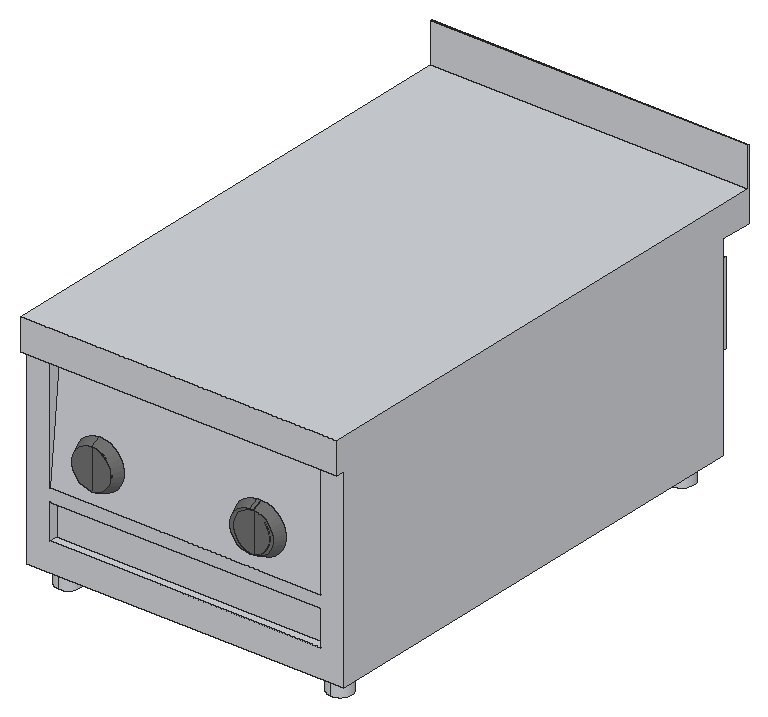
Revit family "2 Zones SK2i", category Specialty Equipment, Revit 2025
Family settings
  Round Connector Dimension = Use Diameter
  Part Type = Normal
  OmniClass Number = 23.40.40.14.17.17
  OmniClass Title = Ranges
  Work Plane-Based = No
  Enable Cutting in Views = No
  Always vertical = Yes
  Cut with Voids When Loaded = No
  Maintain Annotation Orientation = No
  Shared = No
  Room Calculation Point = No
Parameters (values of type "SK2i - 2 zones Induction")
  Width = 400 mm
  Weight = ""
  Watts = 6000 W
  Volts = 240 V
  URL Cutsheet = ""
  URL = ""
  Specification by User [instance] = ""
  Specification by Manufacturer = ""
  Serial Number = ""
  Seismic Rating = ""
  SMACNA No = ""
  Phase = 1
  NAFEM Spec ID Number = ""
  Model = "SK2i"
  Masterspec = ""
  Manufacturer = "ADVENTYS"
  Item Number [instance] = ""
  Installed By [instance] = ""
  Height = 310 mm
  HP = ""
  Furnished By [instance] = ""
  Foodservice Equipment Identifier [instance] = yes
  FL Amps = 25 A
  Elec Conn RI Height = 0 mm
  Description = "2 zone Induction"
  Depth = 650 mm
  Default Elevation = 0 mm
  CSI MasterFormat = ""
Reference planes
  plane 1 "BACK": y = 0
  plane 2: z = 0
  plane 3 "LEFT": x = 0
  plane 4 "RIGHT": x = 400
  plane 5 "FRONT": y = -650
  plane 6 "TOP": z = 900
  plane 7: z = 590
Forms (mm)
  Revolve 1, solid
    sketch origin (305.373, -43.943, 0) x (0, 1, 0) y (0, 0, 1)
      loop
        line (-601, 768) -> (-601, 801) -> (-619, 793) -> (-619, 768) -> (-601, 768)
      axis (-601, 768) -> (-619, 768)
    angle from 0 to 360
  Extrusion 2, solid
    sketch origin (0, 0, 50) x (0, 1, 0) y (0, 0, 1)
      loop
        line (0, 900) -> (-1.5, 900) -> (-1.5, 850) -> (-650, 850) -> (-650, 810) -> (-639.498, 810) -> (-639.498, 564.95) -> (-39.498, 564.95) -> (-39.498, 810) -> (0, 810) -> (0, 900)
    from 0 to 400
  Extrusion 3, solid
    sketch origin (0, 0, 0) x (0, 1, 0) y (0, 0, 1)
      loop
        line (-39.498, 812.387) -> (-39.498, 709.062) -> (0, 709.062) -> (0, 812.387) -> (-39.498, 812.387)
    from 28.3 to 371.9
  Extrusion 4, solid
    sketch origin (0, 0, 900) x (0, 1, 0) y (-1, 0, 0)
      loop
        circle (-69.498, -28.3) r 15
      loop
        circle (-69.498, -371.7) r 15
      loop
        circle (-609.498, -28.3) r 15
      loop
        circle (-609.498, -371.7) r 15
    from -310 to -285.05
  Revolve 5, solid
    sketch origin (100.373, -43.943, 0) x (0, 1, 0) y (0, 0, 1)
      loop
        line (-601, 768) -> (-601, 801) -> (-619, 793) -> (-619, 768) -> (-601, 768)
      axis (-601, 768) -> (-619, 768)
    angle from 0 to 360
  Revolve 6, solid
    sketch origin (300.373, -43.943, 0) x (0, 1, 0) y (0, 0, 1)
      loop
        line (-601, 768) -> (-601, 801) -> (-619, 793) -> (-619, 768) -> (-601, 768)
      axis (-601, 768) -> (-619, 768)
    angle from 0 to 360
  Extrusion 7, void
    sketch origin (0, 0, 0.017) x (0, 1, 0) y (0, 0, 1)
      loop
        line (-650, 860) -> (-650, 651.388) -> (-629.498, 651.388) -> (-629.498, 696.388) -> (-639.498, 696.388) -> (-639.498, 711.388) -> (-625, 860) -> (-650, 860)
    from 29.298 to 371.9
Cuts and joins
  Extrusion 7 cuts Revolve 1
  Extrusion 7 cuts Extrusion 2
  Extrusion 7 cuts Revolve 5
  Extrusion 7 cuts Revolve 6
Dimensions and locks
  "Width": plane 4 "RIGHT" to plane 3 "LEFT"
  "Height": plane 7 to plane 6 "TOP"
  "Depth": plane 5 "FRONT" to plane 1 "BACK"
  plane 6 "TOP" to level = 900 mm
  aligned and locked: level to plane 2
Automatic sketch dimensions
  plane 5 "FRONT" to Revolve 1 sketch curve = 12.943 mm
  Revolve 1 sketch curve to plane 5 "FRONT" = 5.057 mm
  Revolve 1 sketch curve to plane 6 "TOP" = 132 mm
  Revolve 1 sketch curve to Revolve 1 sketch curve = 25 mm
  Revolve 1 sketch curve to Revolve 1 sketch curve = 8 mm
  Revolve 1 sketch curve to Revolve 1 sketch curve = 0 mm  (x3)
  Extrusion 2 sketch curve to plane 5 "FRONT" = 0 mm
  Extrusion 2 sketch curve to plane 6 "TOP" = 0 mm
  Extrusion 2 sketch curve to plane 1 "BACK" = 0 mm
  Extrusion 2 sketch curve to plane 5 "FRONT" = 10.502 mm
  plane 1 "BACK" to Extrusion 2 sketch curve = 39.498 mm
  Extrusion 2 sketch curve to Extrusion 2 sketch curve = 1.5 mm
  Extrusion 2 sketch curve to plane 6 "TOP" = 40 mm  (x2)
  plane 7 to Extrusion 2 sketch curve = 24.95 mm
  plane 6 "TOP" to Extrusion 2 sketch curve = 50 mm
  Extrusion 3 sketch curve to plane 1 "BACK" = 0 mm
  plane 1 "BACK" to Extrusion 3 sketch curve = 39.498 mm
  plane 7 to Extrusion 3 sketch curve = 119.062 mm
  Extrusion 3 sketch curve to plane 6 "TOP" = 87.613 mm
  Extrusion 4 sketch curve to plane 5 "FRONT" = 40.502 mm  (x2)
  Extrusion 4 sketch curve to plane 4 "RIGHT" = 28.3 mm  (x2)
  plane 1 "BACK" to Extrusion 4 sketch curve = 69.498 mm  (x2)
  plane 3 "LEFT" to Extrusion 4 sketch curve = 28.3 mm  (x2)
  plane 5 "FRONT" to Revolve 5 sketch curve = 12.943 mm
  Revolve 5 sketch curve to plane 5 "FRONT" = 5.057 mm
  Revolve 5 sketch curve to plane 6 "TOP" = 132 mm
  Revolve 5 sketch curve to Revolve 5 sketch curve = 25 mm
  Revolve 5 sketch curve to Revolve 5 sketch curve = 8 mm
  Revolve 5 sketch curve to Revolve 5 sketch curve = 0 mm  (x3)
  plane 5 "FRONT" to Revolve 6 sketch curve = 12.943 mm
  Revolve 6 sketch curve to plane 5 "FRONT" = 5.057 mm
  Revolve 6 sketch curve to plane 6 "TOP" = 132 mm
  Revolve 6 sketch curve to Revolve 6 sketch curve = 25 mm
  Revolve 6 sketch curve to Revolve 6 sketch curve = 8 mm
  Revolve 6 sketch curve to Revolve 6 sketch curve = 0 mm  (x3)
  Extrusion 7 sketch curve to plane 5 "FRONT" = 0 mm
  Extrusion 7 sketch curve to plane 5 "FRONT" = 10.502 mm
  Extrusion 7 sketch curve to Extrusion 7 sketch curve = 10 mm
  Extrusion 7 sketch curve to plane 5 "FRONT" = 25 mm
  plane 7 to Extrusion 7 sketch curve = 61.406 mm
  Extrusion 7 sketch curve to Extrusion 7 sketch curve = 45 mm
  Extrusion 7 sketch curve to Extrusion 7 sketch curve = 15 mm
  Extrusion 7 sketch curve to plane 6 "TOP" = 39.983 mm
  radius of Extrusion 4 sketch curve = 15 mm  (x4)
